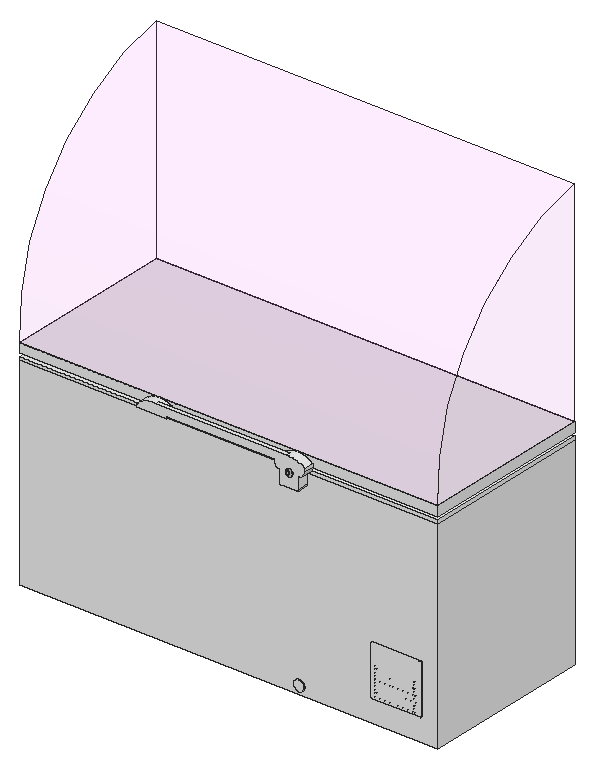
Revit family "QF_Summit_EL41LT_Chest_Freezer", category Specialty Equipment, Revit 2020
Family settings
  Round Connector Dimension = Use Diameter
  Part Type = Normal
  Work Plane-Based = No
  Always vertical = Yes
  Cut with Voids When Loaded = No
  Shared = No
  Room Calculation Point = No
Parameters
  Weight in Pounds = 170
  Watts = Volts * FL Amps  # 828 W
  Volts = 115 V
  URL Cutsheet = ""
  Specification by User = ""
  Specification by Manufacturer = ""
  Show Clearance [instance] = yes
  Serial Number = ""
  Seismic Rating = ""
  SMACNA No = ""
  Revision Code = ""
  Refrigerant Volume = 0.00 kip
  Refrigerant Type = "R920a"
  Phase = 1
  Number of Poles = 1
  NAFEM Spec ID Number = ""
  Model = "EL41LT"
  Min Ckt Ampacity = 0 A
  Max Overcurrent Protection = 0 A
  Masterspec = ""
  Manufacturer = "Summit"
  Length = 59 1/4"
  Item Number = ""
  Installed By = ""
  Identify Quantity as Lot = yes
  Height = 33 1/2"
  HP = ""
  Furnished By = ""
  Foodservice Equipment Identifier = yes
  FL Amps = 7.2 A
  Electrical Remarks = ""
  Electric Connection Type = ""
  Elec Conn RI Height = 0"
  Elec Conn Connection Height = 0"
  Description = "Chest Freezer"
  Depth = 27 1/4"
  Default Elevation = 0"
  Cycle = 60 Hz
  Conn Plug = ""
  Conn Conduit = yes
  CSI MasterFormat = ""
  BTUH = 0.0 Btu/h
  Apparent Power = 0 VA
Reference planes (in)
  plane 1 "BACK": y = 0
  plane 2: z = 0
  plane 3 "LEFT": x = 0
  plane 4 "RIGHT": x = 59.25
  plane 5 "FRONT": y = -27.25
  plane 6 "TOP": z = 33.5
  plane 7 "Center Y": x = 29.625
  plane 8 "Center X": y = -13.625
Dimensions and locks (in)
  equal spacing: plane 3 "LEFT", plane 7 "Center Y", plane 4 "RIGHT"
  "Length": plane 3 "LEFT" to plane 4 "RIGHT"
  equal spacing: plane 5 "FRONT", plane 8 "Center X", plane 1 "BACK"
  "Depth": plane 5 "FRONT" to plane 1 "BACK"
  "Height": plane 6 "TOP" to level
  nested 1 to level = 63.73861"
  aligned and locked: level to plane 2
Nested families (in)
  nested 1: "EL41LT" at (0, 0, 0), Show Clearance <- "Show Clearance", type "EL41LT"
    with Show Clearance yes
Connectors (in)
  electrical at (55.4375, -1.51158, 9.53374)
    settings: on nested 1, index 1, voltage 0 V, apparent load 0 VA, apparent load phase1 0 VA, apparent load phase2 0 VA, apparent load phase3 0 VA, power factor 1, load classification "Other", number of poles 1, system type 30, power factor state 1, is connector primary yes, connector utility no, sub classification motor no, connector description "ELECTRICAL CONNECTION"
Definition of nested family "EL41LT"
  Parameters (values of type "EL41LT")
    Weight in Pounds = 0
    URL Cutsheet = ""
    Specification by User = ""
    Specification by Manufacturer = ""
    Show Clearance [instance] = yes
    Serial Number = ""
    Seismic Rating = ""
    SMACNA No = ""
    Revision Code = ""
    NAFEM Spec ID Number = ""
    Masterspec = ""
    Length = 59 1/4"
    Item Number = ""
    Installed By = ""
    Identify Quantity as Lot = yes
    Height = 33 1/2"
    Furnished By = ""
    Foodservice Equipment Identifier = yes
    Depth = 27 1/4"
    Default Elevation = 0"
    CSI MasterFormat = ""
  Reference planes (in)
    plane 1 "BACK": y = 0
    plane 2: z = 0
    plane 3 "LEFT": x = 0
    plane 4 "RIGHT": x = 59.25
    plane 5 "FRONT": y = -27.25
    plane 6 "TOP": z = 33.5
    plane 7 "Center Y": x = 29.625
    plane 8 "Center X": y = -13.625
    plane 9: z = 2.75
  Forms (in)
    Extrusion 1, solid
      sketch origin (-38.39759, -180, 33.5) x (-1, 0, 0) y (0, -1, 0)
        loop
          line (-38.39759, -178.45717) -> (-38.39759, -154.17125) -> (-97.64759, -154.17125) -> (-97.64759, -178.45717) -> (-38.39759, -178.45717)
      from 0 to -1.30419
    Extrusion 2, solid
      sketch origin (-38.39759, -180, 32.19581) x (0, -1, 0) y (-1, 0, 0)
        loop
          line (-177.80092, -39.05493) -> (-177.80092, -96.99025) -> (-154.94908, -96.99025) -> (-154.94908, -39.05493) -> (-177.80092, -39.05493)
      from 0 to 0.47985
    Extrusion 3, solid
      sketch origin (-38.39759, -180, 31.71595) x (1, 0, 0) y (0, -1, 0)
        loop
          line (38.39759, -178.45717) -> (97.64759, -178.45717) -> (97.64759, -154.17125) -> (38.39759, -154.17125) -> (38.39759, -178.45717)
      from 0 to 0.46385
    Extrusion 4, solid
      sketch origin (-38.39759, -180, 31.71595) x (1, 0, 0) y (0, -1, 0)
        loop
          line (38.39759, -178.45717) -> (97.64759, -178.45717) -> (97.64759, -154.17125) -> (38.39759, -154.17125) -> (38.39759, -178.45717)
      from 28.96595 to 0.46385
    Extrusion 5, solid
      sketch origin (55.3775, -25.82875, 33.5) x (-1, 0, 0) y (0, 0, -1)
        loop
          line (37.62787, 0.90365) -> (37.62787, 1.30419) -> (33.37787, 1.30419) -> (33.37787, 0.90365)
          arc (33.37787, 0.90365) -> (35.50287, -0.00001) -> (37.62787, 0.90365) r 2.95036
        loop
          arc (13.87713, 0.90365) -> (16.00213, 0) -> (18.12713, 0.90365) r 2.95037
          line (18.12713, 0.90365) -> (18.12713, 1.30419) -> (13.87713, 1.30419) -> (13.87713, 0.90365)
      from 0 to 1.42125
    Extrusion 6, solid
      sketch origin (55.3775, -25.82875, 31.71595) x (-1, 0, 0) y (0, 0, -1)
        loop
          line (35.37787, -1.74305) -> (35.37787, -0.65216) -> (16.00213, -0.65216) -> (16.00213, -1.74305) -> (35.37787, -1.74305)
      from 0.83699 to 1.42125
    Extrusion 7, solid
      sketch origin (55.3775, -25.82875, 31.71595) x (-1, 0, 0) y (0, 0, -1)
        loop
          arc (18.12713, -0.47985) -> (17.90608, 0.05381) -> (17.37242, 0.27486) r 0.75471
          line (17.37242, 0.27486) -> (17.37242, 2.02486)
          arc (17.37242, 2.02486) -> (17.29919, 2.20164) -> (17.12242, 2.27486) r 0.25
          line (17.12242, 2.27486) -> (14.96466, 2.27486)
          arc (14.96466, 2.27486) -> (14.78788, 2.20164) -> (14.71466, 2.02486) r 0.25
          line (14.71466, 2.02486) -> (14.71466, 0.35768)
          arc (14.71466, 0.35768) -> (14.12244, 0.11237) -> (13.87713, -0.47985) r 0.83753
          line (13.87713, -0.47985) -> (18.12713, -0.47985)
      from 0 to 1.42125
    Extrusion 8, void
      sketch origin (55.3775, -27.25, 31.71595) x (1, 0, 0) y (0, 0, -1)
        loop
          circle (-16.07638, 0.3526) r 0.5
      from 0 to 0.12287
    Extrusion 9, solid
      sketch origin (55.3775, -27.12713, 31.71595) x (-1, 0, 0) y (0, 0, -1)
        loop
          circle (16.07638, 0.3526) r 0.5
        loop
          arc (16.04895, 0.21925) -> (16.07638, -0.00017) -> (16.1038, 0.21925) r 0.11142
          line (16.1038, 0.21925) -> (16.1038, 0.57518) -> (16.07638, 0.6026) -> (16.04895, 0.57518) -> (16.04895, 0.21925)
      from 0 to 0.12287
    Extrusion 10, solid
      sketch origin (0, -1.54283, 31.71595) x (1, 0, 0) y (0, 0, -1)
        loop
          circle (55.4375, 22.18221) r 0.25
      from 0 to 0.03125
    Extrusion 11, solid
      sketch origin (65.30749, -25.82875, 31.71595) x (-1, 0, 0) y (0, 0, -1)
        loop
          circle (25.69, 27.86549) r 0.75
      from 0 to 0.03125
    Extrusion 12, solid, visible <- "Show Clearance"
      sketch origin (0, 0, 0) x (0, 1, 0) y (0, 0, 1)
        loop
          line (-25.82875, 33.5) -> (-1.54283, 33.5) -> (-1.54283, 63.73861)
          arc (-1.54283, 63.73861) -> (-19.48803, 53.27933) -> (-25.82875, 33.5) r 28.98632
      from 0 to 59.25
    Extrusion 13, solid
      sketch origin (58, -25.82875, 34.43595) x (-1, 0, 0) y (0, 0, -1)
        loop
          arc (7.94277, 21.38464) -> (8.08672, 21.44427) -> (8.14635, 21.58822) r 0.20358
          line (8.14635, 21.58822) -> (8.14635, 28.36902)
          arc (8.14635, 28.36902) -> (8.08685, 28.51265) -> (7.94322, 28.57214) r 0.20313
          line (7.94322, 28.57214) -> (1.16197, 28.57214)
          arc (1.16197, 28.57214) -> (1.01834, 28.51265) -> (0.95885, 28.36902) r 0.20313
          line (0.95885, 28.36902) -> (0.95885, 21.58777)
          arc (0.95885, 21.58777) -> (1.01834, 21.44413) -> (1.16197, 21.38464) r 0.20313
          line (1.16197, 21.38464) -> (7.94277, 21.38464)
      from 0 to 0.03125
    Extrusion 14, solid
      sketch origin (0, -1.54283, 31.71595) x (1, 0, 0) y (0, 0, -1)
        loop
          circle (52.09806, 22.1994) r 0.92984
        loop
          circle (7.15194, 22.1994) r 0.92984
      from 0 to 1.54283
    Extrusion 15, void
      sketch origin (58, -25.86, 34.43595) x (1, 0, 0) y (0, 0, -1)
        loop
          line (-7.68475, 24.23604) -> (-1.8226, 24.23604) -> (-1.8226, 24.3155) -> (-7.68475, 24.3155) -> (-7.68475, 24.23604)
      from 0 to 0.01747
    Extrusion 16, void
      sketch origin (58, -25.86, 30.53794) x (1, 0, 0) y (0, 0, -1)
        loop
          line (-7.68475, 24.23604) -> (-1.8226, 24.23604) -> (-1.8226, 24.3155) -> (-7.68475, 24.3155) -> (-7.68475, 24.23604)
      from 0 to 0.01747
    Extrusion 17, void
      sketch origin (58, -25.86, 34.00284) x (1, 0, 0) y (0, 0, -1)
        loop
          line (-7.68475, 24.23604) -> (-1.8226, 24.23604) -> (-1.8226, 24.3155) -> (-7.68475, 24.3155) -> (-7.68475, 24.23604)
      from 0 to 0.01747
    Extrusion 18, void
      sketch origin (58, -25.86, 33.56972) x (1, 0, 0) y (0, 0, -1)
        loop
          line (-7.68475, 24.23604) -> (-1.8226, 24.23604) -> (-1.8226, 24.3155) -> (-7.68475, 24.3155) -> (-7.68475, 24.23604)
      from 0 to 0.01747
    Extrusion 19, void
      sketch origin (58, -25.86, 33.13661) x (1, 0, 0) y (0, 0, -1)
        loop
          line (-7.68475, 24.23604) -> (-1.8226, 24.23604) -> (-1.8226, 24.3155) -> (-7.68475, 24.3155) -> (-7.68475, 24.23604)
      from 0 to 0.01747
    Extrusion 20, void
      sketch origin (58, -25.86, 32.7035) x (1, 0, 0) y (0, 0, -1)
        loop
          line (-7.68475, 24.23604) -> (-1.8226, 24.23604) -> (-1.8226, 24.3155) -> (-7.68475, 24.3155) -> (-7.68475, 24.23604)
      from 0 to 0.01747
    Extrusion 21, void
      sketch origin (58, -25.86, 32.27039) x (1, 0, 0) y (0, 0, -1)
        loop
          line (-7.68475, 24.23604) -> (-1.8226, 24.23604) -> (-1.8226, 24.3155) -> (-7.68475, 24.3155) -> (-7.68475, 24.23604)
      from 0 to 0.01747
    Extrusion 22, void
      sketch origin (58, -25.86, 31.83728) x (1, 0, 0) y (0, 0, -1)
        loop
          line (-7.68475, 24.23604) -> (-1.8226, 24.23604) -> (-1.8226, 24.3155) -> (-7.68475, 24.3155) -> (-7.68475, 24.23604)
      from 0 to 0.01747
    Extrusion 23, void
      sketch origin (58, -25.86, 31.40416) x (1, 0, 0) y (0, 0, -1)
        loop
          line (-7.68475, 24.23604) -> (-1.8226, 24.23604) -> (-1.8226, 24.3155) -> (-7.68475, 24.3155) -> (-7.68475, 24.23604)
      from 0 to 0.01747
    Extrusion 24, void
      sketch origin (58, -25.86, 30.97105) x (1, 0, 0) y (0, 0, -1)
        loop
          line (-7.68475, 24.23604) -> (-1.8226, 24.23604) -> (-1.8226, 24.3155) -> (-7.68475, 24.3155) -> (-7.68475, 24.23604)
      from 0 to 0.01747
    Extrusion 25, solid
      sketch origin (29.15122, -1.63934, 38.14393) x (1, 0, 0) y (0, 0, -1)
        loop
          circle (26.28628, 28.61018) r 0.25
      from 0 to 0.03125
  Cuts and joins
    Extrusion 8 cuts Extrusion 7
    joined: Extrusion 5, Extrusion 6, Extrusion 7
    Extrusion 15, Extrusion 16, Extrusion 17, Extrusion 18, Extrusion 19, Extrusion 20, Extrusion 21, Extrusion 22, Extrusion 23, Extrusion 24 cuts Extrusion 13
  Lines and regions (in)
    Split face 1
      outline origin (58, -25.86, 34.43595) x (-1, 0, 0) y (0, 0, -1)
        loop
          line (6.2016, 21.64173) -> (6.2016, 23.39173) -> (2.9516, 23.39173) -> (2.9516, 21.64173) -> (6.2016, 21.64173)
    Split face 2
      outline origin (58, -25.86, 34.43595) x (-1, 0, 0) y (0, 0, -1)
        loop
          line (5.88255, 21.98724) -> (5.88255, 22.98724) -> (4.01483, 22.98724) -> (4.01483, 21.98724) -> (5.88255, 21.98724)
    symbolic lines
      curve 1: line (0, -1.54283, 0) -> (59.25, -1.54283, 0)
      curve 2: line (0, -25.82875, 0) -> (0, -1.54283, 0)
      curve 3: line (59.25, -25.82875, 0) -> (0, -25.82875, 0)
      curve 4: line (59.25, -1.54283, 0) -> (59.25, -25.82875, 0)
      curve 5: line (8.25, 0, 0) -> (8.25, -1.54283, 0)
      curve 6: line (8.25, 0, 0) -> (11.75, 0, 0)
      curve 7: line (11.75, 0, 0) -> (11.75, -1.54283, 0)
      curve 8: line (47.625, 0, 0) -> (47.625, -1.54283, 0)
      curve 9: line (47.625, 0, 0) -> (51.125, 0, 0)
      curve 10: line (51.125, 0, 0) -> (51.125, -1.54283, 0)
      curve 11: line (57.10957, -25.86, 0) -> (57.10957, -25.82875, 0)
      curve 12: line (17.74963, -25.82875, 0) -> (17.74963, -27.25, 0)
      curve 13: line (17.74963, -27.25, 0) -> (41.50037, -27.25, 0)
      curve 14: line (41.50037, -27.25, 0) -> (41.50037, -25.82875, 0)
      curve 15: line (37.25037, -26.66574, 0) -> (37.25037, -25.82875, 0)
      curve 16: line (37.25037, -26.66574, 0) -> (21.99963, -26.66574, 0)
      curve 17: line (21.99963, -26.66574, 0) -> (21.99963, -25.82875, 0)
      curve 18: line (44.35957, -25.86, 0) -> (44.35957, -25.82875, 0)
      curve 19: line (44.35957, -25.86, 0) -> (57.10957, -25.86, 0)
      curve 20: line (57.10957, -25.86, 0) -> (57.10957, -25.82875, 0)
      curve 21: line (52.86542, -25.89125, 0) -> (52.86542, -25.86, 0)
      curve 22: line (53.29685, -25.89125, 0) -> (53.29685, -25.86, 0)
      curve 23: line (53.29685, -25.89125, 0) -> (52.86542, -25.89125, 0)
      curve 24: line (53.36542, -25.89125, 0) -> (53.36542, -25.86, 0)
      curve 25: line (53.36542, -25.89125, 0) -> (53.79685, -25.89125, 0)
      curve 26: line (53.79685, -25.89125, 0) -> (53.79685, -25.86, 0)
  Dimensions and locks (in)
    equal spacing: plane 3 "LEFT", plane 7 "Center Y", plane 4 "RIGHT"
    "Length": plane 3 "LEFT" to plane 4 "RIGHT"
    equal spacing: plane 5 "FRONT", plane 8 "Center X", plane 1 "BACK"
    "Depth": plane 5 "FRONT" to plane 1 "BACK"
    "Height": plane 6 "TOP" to level
    aligned and locked: level to plane 2
  Automatic sketch dimensions
    Extrusion 1 sketch curve to plane 4 "RIGHT" = 0"
    Extrusion 1 sketch curve to plane 3 "LEFT" = 0"
    plane 1 "BACK" to Extrusion 1 sketch curve = 1.54283"
    Extrusion 1 sketch curve to plane 5 "FRONT" = 1.42125"
    Extrusion 1 to Extrusion 2 sketch curve = 21/32"
    Extrusion 1 to Extrusion 2 sketch curve = 0.77783"
    Extrusion 1 to Extrusion 2 sketch curve = 0.65734"  (x2)
    Extrusion 3 sketch curve to Extrusion 2 = 0.65734"  (x2)
    Extrusion 3 sketch curve to Extrusion 2 = 0.77783"
    Extrusion 3 sketch curve to Extrusion 2 = 21/32"
    Extrusion 4 sketch curve to Extrusion 2 = 0.65734"  (x2)
    Extrusion 4 sketch curve to Extrusion 2 = 0.77783"
    Extrusion 4 sketch curve to Extrusion 2 = 21/32"
    Extrusion 5 sketch curve to Extrusion 1 = 0"  (x2)
    Extrusion 5 sketch curve to Extrusion 1 = 17.74963"
    Extrusion 5 sketch curve to Extrusion 1 = 1.64618"
    Extrusion 5 sketch curve to Extrusion 5 sketch curve = 2 1/8"  (x4)
    Extrusion 1 to Extrusion 5 sketch curve = 0.40054"
    Extrusion 5 sketch curve to Extrusion 5 sketch curve = 15.25074"
    Extrusion 5 sketch curve to Extrusion 1 = 1.64616"
    Extrusion 5 sketch curve to Extrusion 5 sketch curve = 0.40054"
    Extrusion 6 sketch curve to Extrusion 4 = 2.2069"
    Extrusion 6 sketch curve to Extrusion 4 = 19.87463"
    Extrusion 6 sketch curve to Extrusion 4 = 1.11601"
    Extrusion 4 to Extrusion 6 sketch curve = 19.99963"
    Extrusion 7 sketch curve to Extrusion 4 = 0.9437"
    Extrusion 7 sketch curve to Extrusion 4 = 17.74963"
    Extrusion 7 sketch curve to Extrusion 4 = 0.10617"
    Extrusion 7 sketch curve to Extrusion 7 sketch curve = 1/4"  (x2)
    Extrusion 7 sketch curve to Extrusion 4 = 0.18899"
    Extrusion 7 sketch curve to Extrusion 7 sketch curve = 2.15776"
    Extrusion 4 to Extrusion 7 sketch curve = 1.56101"
    Extrusion 7 to Extrusion 8 sketch curve = 1.29604"
    Extrusion 7 to Extrusion 8 sketch curve = 0.83245"
    Extrusion 9 sketch curve to Extrusion 9 sketch curve = 0.02742"  (x3)
    Extrusion 9 sketch curve to Extrusion 9 sketch curve = 0.05485"
    Extrusion 9 sketch curve to Extrusion 9 sketch curve = 0.13335"
    Extrusion 9 sketch curve to Extrusion 9 sketch curve = 0.10799"
    Extrusion 9 sketch curve to Extrusion 9 sketch curve = 0.22258"
    Extrusion 9 sketch curve to Extrusion 9 sketch curve = 0"
    Extrusion 10 sketch curve to Extrusion 4 = 3 13/16"
    Extrusion 4 to Extrusion 10 sketch curve = 6.78374"
    Extrusion 4 to Extrusion 11 sketch curve = 1.10046"
    Extrusion 11 sketch curve to Extrusion 4 = 19.63251"
    curve 1 to plane 3 "LEFT" = 0"
    plane 1 "BACK" to curve 5 = 0"
    plane 5 "FRONT" to curve 12 = 0"
    plane 1 "BACK" to curve 8 = 0"
    curve 4 to plane 4 "RIGHT" = 0"
    plane 3 "LEFT" to curve 5 = 8 1/4"
    curve 5 to curve 6 = 3 1/2"
    curve 12 to plane 7 "Center Y" = 11.87537"
    curve 17 to plane 5 "FRONT" = 0.58426"
    curve 12 to curve 17 = 4 1/4"
    plane 7 "Center Y" to curve 16 = 7.62537"
    curve 15 to curve 14 = 4 1/4"
    curve 18 to plane 5 "FRONT" = 1.39"
    curve 14 to curve 18 = 2.8592"
    plane 4 "RIGHT" to curve 8 = 11 5/8"
    curve 8 to curve 9 = 3 1/2"
    curve 23 to plane 5 "FRONT" = 1.35875"
    plane 4 "RIGHT" to curve 23 = 6.38458"
    curve 21 to curve 23 = 0.43143"
    curve 22 to curve 25 = 0.06857"
    plane 4 "RIGHT" to curve 19 = 2.14043"
    curve 25 to curve 24 = 1/32"
    curve 3 to plane 5 "FRONT" = 1.42125"
    plane 1 "BACK" to curve 1 = 1.54283"
    curve 24 to curve 26 = 0.43143"
    Extrusion 12 sketch curve to plane 6 "TOP" = 0"
    Extrusion 12 sketch curve to plane 5 "FRONT" = 1.42125"
    plane 1 "BACK" to Extrusion 12 sketch curve = 1.54283"
    plane 6 "TOP" to Extrusion 12 sketch curve = 1.62845"
    Extrusion 12 sketch curve to plane 1 "BACK" = 3.1118"
    plane 7 "Center Y" to Extrusion 13 sketch curve = 27.41615"
    Extrusion 13 sketch curve to Extrusion 13 sketch curve = 13/64"  (x2)
    Extrusion 13 sketch curve to Extrusion 13 sketch curve = 6.78079"  (x2)
    plane 9 to Extrusion 13 sketch curve = 3.31693"
    Extrusion 13 sketch curve to Extrusion 13 sketch curve = 0.00046"
    Extrusion 13 sketch curve to Extrusion 13 sketch curve = 0.20358"
    Split face 1 sketch curve to Extrusion 13 = 0.25708"
    Split face 1 sketch curve to Extrusion 13 = 1.99275"
    Split face 1 sketch curve to Extrusion 13 = 1.94475"
    Split face 1 sketch curve to Split face 1 sketch curve = 1 3/4"
    Split face 2 sketch curve to Extrusion 13 = 0.6026"
    Split face 2 sketch curve to Extrusion 13 = 3.05598"
    Split face 2 sketch curve to Split face 2 sketch curve = 1.86773"
    Split face 2 sketch curve to Split face 2 sketch curve = 1"
    plane 7 "Center Y" to Extrusion 15 sketch curve = 20.69025"
    plane 7 "Center Y" to Extrusion 15 sketch curve = 26.5524"
    plane 9 to Extrusion 15 sketch curve = 7.44991"
    Extrusion 15 sketch curve to Extrusion 15 sketch curve = 0.07946"
    plane 9 to Extrusion 16 sketch curve = 3.47244"
    plane 7 "Center Y" to Extrusion 16 sketch curve = 20.69025"
    plane 7 "Center Y" to Extrusion 16 sketch curve = 26.5524"
    Extrusion 16 sketch curve to Extrusion 16 sketch curve = 0.07946"
    plane 7 "Center Y" to Extrusion 17 sketch curve = 20.69025"
    plane 7 "Center Y" to Extrusion 17 sketch curve = 26.5524"
    plane 9 to Extrusion 17 sketch curve = 7.01679"
    Extrusion 17 sketch curve to Extrusion 17 sketch curve = 0.07946"
    plane 7 "Center Y" to Extrusion 18 sketch curve = 20.69025"
    plane 7 "Center Y" to Extrusion 18 sketch curve = 26.5524"
    plane 9 to Extrusion 18 sketch curve = 6.58368"
    Extrusion 18 sketch curve to Extrusion 18 sketch curve = 0.07946"
    plane 7 "Center Y" to Extrusion 19 sketch curve = 20.69025"
    plane 7 "Center Y" to Extrusion 19 sketch curve = 26.5524"
    plane 9 to Extrusion 19 sketch curve = 6.15057"
    Extrusion 19 sketch curve to Extrusion 19 sketch curve = 0.07946"
    plane 7 "Center Y" to Extrusion 20 sketch curve = 20.69025"
    plane 7 "Center Y" to Extrusion 20 sketch curve = 26.5524"
    plane 9 to Extrusion 20 sketch curve = 5.71746"
    Extrusion 20 sketch curve to Extrusion 20 sketch curve = 0.07946"
    plane 7 "Center Y" to Extrusion 21 sketch curve = 20.69025"
    plane 7 "Center Y" to Extrusion 21 sketch curve = 26.5524"
    plane 9 to Extrusion 21 sketch curve = 5.28435"
    Extrusion 21 sketch curve to Extrusion 21 sketch curve = 0.07946"
    plane 7 "Center Y" to Extrusion 22 sketch curve = 20.69025"
    plane 7 "Center Y" to Extrusion 22 sketch curve = 26.5524"
    plane 9 to Extrusion 22 sketch curve = 4.85124"
    Extrusion 22 sketch curve to Extrusion 22 sketch curve = 0.07946"
    plane 9 to Extrusion 23 sketch curve = 4.33866"
    plane 7 "Center Y" to Extrusion 23 sketch curve = 20.69025"
    plane 7 "Center Y" to Extrusion 23 sketch curve = 26.5524"
    Extrusion 23 sketch curve to Extrusion 23 sketch curve = 0.07946"
    plane 9 to Extrusion 24 sketch curve = 3.90555"
    plane 7 "Center Y" to Extrusion 24 sketch curve = 20.69025"
    plane 7 "Center Y" to Extrusion 24 sketch curve = 26.5524"
    Extrusion 24 sketch curve to Extrusion 24 sketch curve = 0.07946"
    plane 7 "Center Y" to Extrusion 25 sketch curve = 25 13/16"
    plane 9 to Extrusion 25 sketch curve = 6.78374"
    Extrusion 14 sketch curve to Extrusion 4 = 7.15194"  (x2)
    Extrusion 4 to Extrusion 14 sketch curve = 6.76655"  (x2)
    radius of Extrusion 8 sketch curve = 1/2"
    radius of Extrusion 9 sketch curve to Extrusion 8 = 0"
    radius of Extrusion 10 sketch curve = 1/4"
    radius of Extrusion 11 sketch curve = 3/4"
    radius of Extrusion 25 sketch curve = 1/4"
    radius of Extrusion 14 sketch curve = 0.92984"  (x2)
  Nested families (in)
    nested 1: "2 INCHES_CASTER" at (4, -21.82875, 0), type "2 INCHES_CASTER"
      with Type Mark "", Specification by User "", Revision Code "", Item Number "", Installed By "", Identify Quantity as Lot yes, Furnished By "", Foodservice Equipment Identifier yes, 2.5 Inches Caster yes
    nested 2: "2 INCHES_CASTER" at (55.25, -21.82875, 0), type "2 INCHES_CASTER"
      with Type Mark "", Specification by User "", Revision Code "", Item Number "", Installed By "", Identify Quantity as Lot yes, Furnished By "", Foodservice Equipment Identifier yes, 2.5 Inches Caster yes
    nested 3: "2 INCHES_CASTER" at (4, -6.07875, 0), type "2 INCHES_CASTER"
      with Type Mark "", Specification by User "", Revision Code "", Item Number "", Installed By "", Identify Quantity as Lot yes, Furnished By "", Foodservice Equipment Identifier yes, 2.5 Inches Caster yes
    nested 4: "2 INCHES_CASTER" at (55.25, -6.07875, 0), type "2 INCHES_CASTER"
      with Type Mark "", Specification by User "", Revision Code "", Item Number "", Installed By "", Identify Quantity as Lot yes, Furnished By "", Foodservice Equipment Identifier yes, 2.5 Inches Caster yes
  Definition of nested family "2 INCHES_CASTER"
    Parameters (values of type "2 INCHES_CASTER")
      Weight = ""
      URL Manufacturer = ""
      URL Cutsheet = ""
      URL = ""
      Type Mark [instance] = ""
      Specification by User [instance] = ""
      Specification by Manufacturer = ""
      Serial Number = ""
      Seismic Rating = ""
      SMACNA No = ""
      Revision Code [instance] = ""
      Omniclass Number and Title = ""
      NAFEM Spec ID Number = ""
      Model = ""
      MasterSpec. = ""
      Manufacturer = ""
      Item Number [instance] = ""
      Installed By [instance] = ""
      Identify Quantity as Lot [instance] = yes
      Furnished By [instance] = ""
      Foodservice Equipment Identifier [instance] = yes
      Description = ""
      Default Elevation = 0"
      CSI MasterFormat = ""
      CSI Master Format = ""
      Assembly Code = ""
      2.5 Inches Caster [instance] = yes
    Reference planes (in)
      plane 1: z = 0
      plane 2 "RIGHT": x = 0
      plane 3 "FRONT": y = 0
      plane 4 "TOP": z = 2.75
    Forms (in)
      Revolve 1, solid, visible <- "2.5 Inches Caster"
        sketch origin (-1.93794, 0.46818, -1.0041) x (1, 0, 0) y (0, 0, 1)
          loop
            line (0.74055, 1.86347) -> (0.74055, 1.78797) -> (0.79055, 1.73797) -> (0.85055, 1.73797) -> (0.85055, 1.6179) -> (1.235, 1.6179) -> (1.235, 1.55055) -> (1.38673, 1.46295) -> (1.4003, 1.3791) -> (1.34375, 1.3791) -> (1.34375, 1.2541) -> (1.375, 1.2541) -> (1.375, 1.0041) -> (2.48438, 1.0041) -> (2.48438, 1.2541) -> (2.51563, 1.2541) -> (2.51563, 1.3791) -> (2.45908, 1.3791) -> (2.47322, 1.46647) -> (2.62438, 1.55374) -> (2.62438, 1.6179) -> (3.04007, 1.6179) -> (3.04007, 1.73797) -> (3.10007, 1.73797) -> (3.15007, 1.78797) -> (3.15007, 1.86347) -> (0.74055, 1.86347)
          axis (0.74055, 1.86347) -> (3.15007, 1.86347)
        angle from 0 to 360
      Extrusion 2, solid, visible <- "2.5 Inches Caster"
        sketch origin (-1.93794, 1.43296, -3.41527) x (0, 1, 0) y (0, 0, 1)
          loop
            line (-0.64294, 5.3791) -> (-2.21294, 5.3791) -> (-2.21294, 5.24769) -> (-1.37414, 5.24769)
            arc (-1.37414, 5.24769) -> (-0.62115, 5.15851) -> (0.05138, 4.80832) r 2.10495
            line (0.05138, 4.80832) -> (0.12713, 4.91318)
            arc (0.12713, 4.91318) -> (-0.07255, 5.06376) -> (-0.29048, 5.18644) r 1.8753
            line (-0.29048, 5.18644) -> (-0.22239, 5.30423)
            arc (-0.22239, 5.30423) -> (-0.42936, 5.36024) -> (-0.64294, 5.3791) r 1.21859
        from 1.17357 to 2.70231
      Revolve 3, solid, visible <- "2.5 Inches Caster"
        sketch origin (0, 1.73858, -3.75) x (0, 1, 0) y (0, 0, 1)
          loop
            line (-1.73858, 5.71382) -> (-1.05793, 5.71382) -> (-1.05793, 6.5) -> (-1.73858, 6.5) -> (-1.73858, 5.71382)
          axis (-1.73858, 5.71382) -> (-1.73858, 6.5)
        angle from 0 to 360
      Extrusion 4, solid, visible <- "2.5 Inches Caster"
        sketch origin (-1.98481, 1.43296, -1.7541) x (0, 1, 0) y (0, 0, 1)
          loop
            line (-2.21294, 3.71792) -> (-2.21294, 3.58652) -> (-1.94904, 3.58652)
            arc (-1.94904, 3.58652) -> (-1.56115, 3.28048) -> (-1.39241, 2.81612) r 0.90292
            arc (-1.39241, 2.81612) -> (-1.36136, 2.62044) -> (-1.29729, 2.43295) r 1.15385
            arc (-1.29729, 2.43295) -> (-0.94802, 2.21237) -> (-0.6121, 2.45278) r 0.37001
            arc (-0.6121, 2.45278) -> (-0.59625, 2.50123) -> (-0.58446, 2.55082) r 0.61695
            arc (-0.58446, 2.55082) -> (-0.36134, 2.95548) -> (0.05609, 3.15367) r 0.75313
            line (0.05609, 3.15367) -> (0.12713, 3.252)
            arc (0.12713, 3.252) -> (-0.07255, 3.40259) -> (-0.29048, 3.52526) r 1.8753
            line (-0.29048, 3.52526) -> (-0.22239, 3.64306)
            arc (-0.22239, 3.64306) -> (-0.42936, 3.69906) -> (-0.64294, 3.71792) r 1.21859
            line (-0.64294, 3.71792) -> (-2.21294, 3.71792)
        from 2.74918 to 2.90825
      Extrusion 5, solid, visible <- "2.5 Inches Caster"
        sketch origin (1.98481, 1.43296, -1.7541) x (0, 1, 0) y (0, 0, -1)
          loop
            arc (-0.58446, -2.55082) -> (-0.59625, -2.50123) -> (-0.6121, -2.45278) r 0.61695
            arc (-0.6121, -2.45278) -> (-0.94802, -2.21237) -> (-1.29729, -2.43295) r 0.37001
            arc (-1.29729, -2.43295) -> (-1.36136, -2.62044) -> (-1.39241, -2.81612) r 1.15385
            arc (-1.39241, -2.81612) -> (-1.56115, -3.28048) -> (-1.94904, -3.58652) r 0.90292
            line (-1.94904, -3.58652) -> (-2.21294, -3.58652) -> (-2.21294, -3.71792) -> (-0.64294, -3.71792)
            arc (-0.64294, -3.71792) -> (-0.42936, -3.69906) -> (-0.22239, -3.64306) r 1.21859
            line (-0.22239, -3.64306) -> (-0.29048, -3.52526)
            arc (-0.29048, -3.52526) -> (-0.07255, -3.40259) -> (0.12713, -3.252) r 1.8753
            line (0.12713, -3.252) -> (0.05609, -3.15367)
            arc (0.05609, -3.15367) -> (-0.36134, -2.95548) -> (-0.58446, -2.55082) r 0.75313
        from 2.74918 to 2.90825
    Lines and regions (in)
      symbolic lines, visible <- "2.5 Inches Caster"
        curve 1: line (0.10651, 1.59133, 0) -> (0.80944, 1.1855, 0)
        curve 2: line (-0.89349, -0.14072, 0) -> (0.10651, 1.59133, 0)
        curve 3: line (-0.19056, -0.54656, 0) -> (-0.89349, -0.14072, 0)
        curve 4: line (0.80944, 1.1855, 0) -> (-0.19056, -0.54656, 0)
    Dimensions and locks (in)
      plane 4 "TOP" to level = 2 3/4"  (x2)
      aligned and locked: level to plane 1
